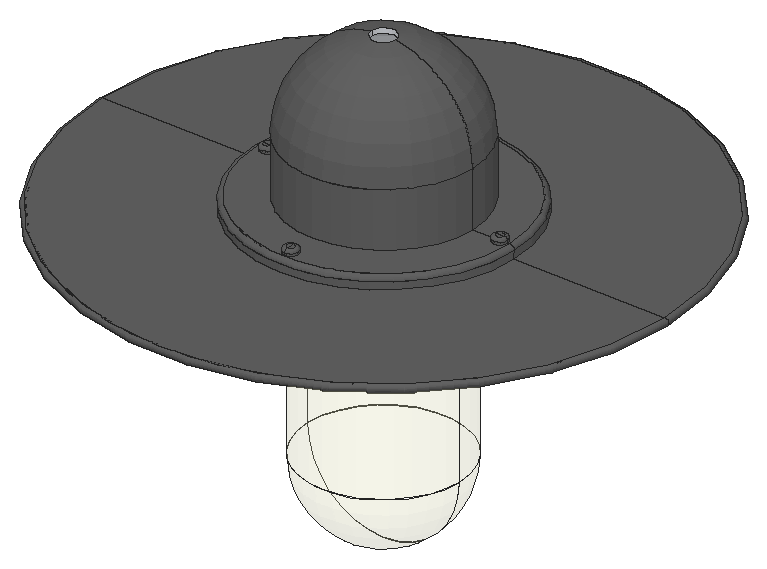
Revit family "FL3 SHADE", category Lighting Fixtures, Revit 2024
Family settings
  Round Connector Dimension = Use Diameter
  Part Type = Normal
  OmniClass Number = 23.80.70.00
  OmniClass Title = Lighting
  Work Plane-Based = No
  Always vertical = Yes
  Cut with Voids When Loaded = No
  Light Source = Yes
  Maintain Annotation Orientation = No
  Shared = No
  Room Calculation Point = No
Parameters
  Wattage = 12.1178 W
  built-in parameter 1150110 = 1 (stored number, unit not read)
  built-in parameter 1114217 = 1 (stored number, unit not read)
  built-in parameter 1150109 = 1 (stored number, unit not read)
  built-in parameter 1150134 = (empty or 0)
  built-in parameter 1150113 = 1 (stored number, unit not read)
  Lumens = 1800 lm
  built-in parameter 1150115 = 1 (stored number, unit not read)
  built-in parameter 1150105 = 572.96 (stored number, unit not read)
  Light Source Symbol Size = 2' - 0"
  built-in parameter 1150137 = (empty or 0)
  built-in parameter 1150139 = (empty or 0)
  built-in parameter 1150112 = 1 (stored number, unit not read)
  built-in parameter 1150114 = 1 (stored number, unit not read)
  built-in parameter 1150132 = 2
  built-in parameter 1150102 = (empty or 0)
  built-in parameter 1150138 = (empty or 0)
  built-in parameter 1150107 = 3000 (stored number, unit not read)
  built-in parameter 1150106 = 5.7296 (stored number, unit not read)
  built-in parameter 1150104 = 13.8 (stored number, unit not read)
  Dimming Lamp Color Temperature Shift = (empty or 0)
  Default Elevation = 0' - 0"
  Color Filter = 16777215
  built-in parameter 1114218 = 1 (stored number, unit not read)
  built-in parameter 1150133 = 10 (stored number, unit not read)
Reference planes (in)
  plane 1 "Light Source Axis (F/B)": y = 0
  plane 2: z = 0
  plane 3 "Light Source Axis (L/R)": x = 0
  plane 4 "Light Source Elevation": z = 54
Forms (in)
  Revolve 1, solid
    sketch origin (0, 0, 0) x (1, 0, 0) y (0, 0, 1)
      loop
        arc (-0.25, 63.48326) -> (-1.41145, 62.85928) -> (-1.875, 61.625) r 1.875
        line (-1.875, 61.625) -> (-1.875, 60.475) -> (-2.65, 60.475)
        arc (-2.65, 60.475) -> (-2.72071, 60.44571) -> (-2.75, 60.375) r 0.1
        line (-2.75, 60.375) -> (-2.75, 60.225) -> (-5.925, 60.225)
        arc (-5.925, 60.225) -> (-6, 60.15) -> (-5.925, 60.075) r 0.075
        line (-5.925, 60.075) -> (-1.78125, 60.075) -> (-1.78125, 60.225) -> (-2.65625, 60.225) -> (-2.65625, 60.38125) -> (-1.78125, 60.38125) -> (-1.78125, 61.625)
        arc (-1.78125, 61.625) -> (-1.34502, 62.79281) -> (-0.25, 63.38862) r 1.78125
        line (-0.25, 63.38862) -> (-0.25, 63.48326)
      loop
        line (-2.75, 58.29387) -> (-2.65625, 58.29387) -> (-2.65625, 58.80012) -> (-1.78125, 58.80012) -> (-1.78125, 58.89387) -> (-2.65, 58.89387)
        arc (-2.65, 58.89387) -> (-2.72071, 58.86458) -> (-2.75, 58.79387) r 0.1
        line (-2.75, 58.79387) -> (-2.75, 58.29387)
      loop
        line (-1.6, 60.42995) -> (-1.6, 55.6)
        arc (-1.6, 55.6) -> (-1.13137, 54.46863) -> (0, 54) r 1.6
        line (0, 54) -> (0, 60.42995) -> (-1.6, 60.42995)
      axis (0, 63.48326) -> (0, 54)
    angle from 0 to 360
  Sweep 2, solid
    path origin (0, 0, 0) x (1, 0, 0) y (0, 0, 1)
      loop
        line (-2.44929, 60.38125) -> (-2.44929, 58.89387)
    profile origin (-2.44929, 0, 59.63756) x (0, -1, 0) y (1, 0, 0)
      loop
        circle (0, 0) r 0.1875
  Revolve 3, solid
    sketch origin (0, 0, 0) x (1, 0, 0) y (0, 0, 1)
      loop
        line (-2.44929, 60.475) -> (-2.44929, 60.57718) -> (-2.53929, 60.57718)
        arc (-2.53929, 60.57718) -> (-2.58171, 60.55961) -> (-2.59929, 60.51718) r 0.06
        line (-2.59929, 60.51718) -> (-2.59929, 60.475) -> (-2.44929, 60.475)
      axis (-2.44929, 60.57718) -> (-2.44929, 60.475)
    angle from 0 to 360
  Sweep 4, solid
    path origin (0, 0, 0) x (0, -1, 0) y (0, 0, 1)
      loop
        line (-2.44929, 60.38125) -> (-2.44929, 58.89387)
    profile origin (0, 2.44929, 59.63756) x (-1, 0, 0) y (0, -1, 0)
      loop
        circle (0, 0) r 0.1875
  Revolve 5, solid
    sketch origin (0, 0, 0) x (0, -1, 0) y (0, 0, 1)
      loop
        line (-2.44929, 60.475) -> (-2.44929, 60.57718) -> (-2.53929, 60.57718)
        arc (-2.53929, 60.57718) -> (-2.58171, 60.55961) -> (-2.59929, 60.51718) r 0.06
        line (-2.59929, 60.51718) -> (-2.59929, 60.475) -> (-2.44929, 60.475)
      axis (-2.44929, 60.57718) -> (-2.44929, 60.475)
    angle from 0 to 360
  Sweep 6, solid
    path origin (0, 0, 0) x (0, 1, 0) y (0, 0, 1)
      loop
        line (-2.44929, 60.38125) -> (-2.44929, 58.89387)
    profile origin (0, -2.44929, 59.63756) x (1, 0, 0) y (0, 1, 0)
      loop
        circle (0, 0) r 0.1875
  Revolve 7, solid
    sketch origin (0, 0, 0) x (0, 1, 0) y (0, 0, 1)
      loop
        line (-2.44929, 60.475) -> (-2.44929, 60.57718) -> (-2.53929, 60.57718)
        arc (-2.53929, 60.57718) -> (-2.58171, 60.55961) -> (-2.59929, 60.51718) r 0.06
        line (-2.59929, 60.51718) -> (-2.59929, 60.475) -> (-2.44929, 60.475)
      axis (-2.44929, 60.57718) -> (-2.44929, 60.475)
    angle from 0 to 360
  Sweep 8, solid
    path origin (0, 0, 0) x (-1, 0, 0) y (0, 0, 1)
      loop
        line (-2.44929, 60.38125) -> (-2.44929, 58.89387)
    profile origin (2.44929, 0, 59.63756) x (0, 1, 0) y (-1, 0, 0)
      loop
        circle (0, 0) r 0.1875
  Revolve 9, solid
    sketch origin (0, 0, 0) x (-1, 0, 0) y (0, 0, 1)
      loop
        line (-2.44929, 60.475) -> (-2.44929, 60.57718) -> (-2.53929, 60.57718)
        arc (-2.53929, 60.57718) -> (-2.58171, 60.55961) -> (-2.59929, 60.51718) r 0.06
        line (-2.59929, 60.51718) -> (-2.59929, 60.475) -> (-2.44929, 60.475)
      axis (-2.44929, 60.57718) -> (-2.44929, 60.475)
    angle from 0 to 360
Dimensions and locks (in)
  aligned and locked: plane 3 "Light Source Axis (L/R)" to imposter light
  aligned and locked: plane 1 "Light Source Axis (F/B)" to imposter light
  aligned and locked: plane 4 "Light Source Elevation" to imposter light
  aligned and locked: level to plane 2
